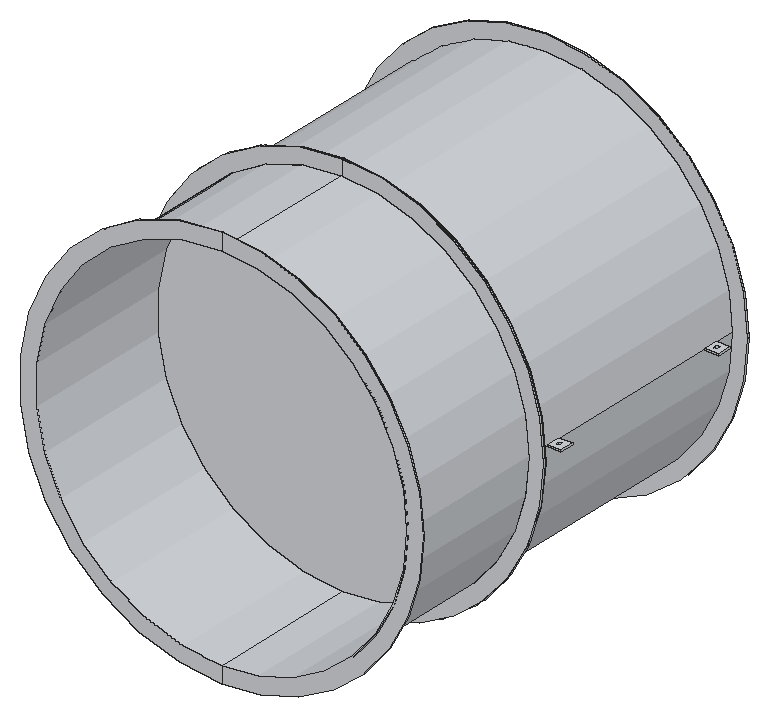
Revit family "AFDV-C_Horizontal_Ceiling_Mount", category Mechanical Equipment, Revit 2019
Family settings
  Round Connector Dimension = Use Radius
  Part Type = Normal
  Work Plane-Based = No
  Always vertical = Yes
  Cut with Voids When Loaded = No
  Shared = No
  Room Calculation Point = No
Parameters (values of type "60_AFDV-C_HOR_CEILING")
  VANE = 2' - 1"
  Unit Weight [instance] = ""
  ModelID [instance] = ""
  M/2 = M / 2  # 0' - 0 11/32"
  M = 0' - 0 11/16"
  L = 0' - 4 3/4"
  K/2 = K / 2  # 1' - 4 1/4"
  K = 2' - 8 1/2"
  J/2 = J / 2  # 2' - 8"
  J = 5' - 4"
  CENTER = 0' - 0"  # constant formula
  H-(A/2) = H - (A / 2)  # 2' - 0 1/16"
  H+J = H + CENTER  # 4' - 6 3/4"
  H = 4' - 6 3/4"
  Sones [instance] = ""
  Motor RPM [instance] = ""
  Motor Enclosure [instance] = ""
  LwA [instance] = ""
  G = 12' - 0"
  Fan RPM [instance] = ""
  F/2 = F / 2  # 0' - 1 1/2"
  F = 0' - 3"
  E/2 = E / 2  # 1' - 9"
  E-2" = E - 0' 2"  # 3' - 4"
  E = 3' - 6"
  C/2+J = C / 2 + CENTER  # 2' - 7 13/16"
  C/2 = C / 2  # 2' - 7 13/16"
  C = 5' - 3 5/8"
  B/2 = B / 2  # 2' - 9 3/8"
  B = 5' - 6 3/4"
  Accessories [instance] = ""
  A/3 = A / 2.5  # 2' - 0.55"
  A/2 = A / 2  # 2' - 6 11/16"
  A = 5' - 1 3/8"
  60 = 60.00°  # constant formula
  30 = 30.00°  # constant formula
  3" = 0' - 3"  # constant formula
  Brake Hp [instance] = ""
  4" = 0' - 4"  # constant formula
  2' = 2' - 0"
  2" = 0' - 2"  # constant formula
  1" = 0' - 1"  # constant formula
  0 = 0' - 0"  # constant formula
  Voltage [instance] = 0 V
  URL = "www.lorencook.com"
  Type Comments = "Tube Axial Fan Horizontal Ceiling Mount Direct Drive Arrangement 4"  # constant formula
  Static Pressure [instance] = 0.00 in-wg
  Power [instance] = Voltage * Motor FLA * sqrt(if(Phase = 3, 3, 1))  # 0 VA
  Phase [instance] = 0
  Number of Poles [instance] = 1
  Motor Hp [instance] = "0"
  Motor FLA [instance] = 0 A
  Model = "AFDV-C"  # constant formula
  Manufacturer = "Loren Cook Company"
  CFM [instance] = 0 CFM
  1.5 = 0' - 1 1/2"  # constant formula
  ONE EIGTH = 0' - 0 1/8"  # constant formula
  -E/2 = -E / 2  # -1' - 9"
  -B/2 = -B / 2  # -2' - 9 3/8"
  -(E-.25")/2 = -(E - 0' 0 1/4") / 2  # -1' - 8 7/8"
  (K/2)-((J-A-.25")/2) = (K / 2) - ((J - A - 0' 0 1/4") / 2)  # 1' - 3 1/16"
  (J-A-.25") = (J - A - 0' 0 1/4")  # 0' - 2 3/8"
  (H-(A/2))/2 = (H - (A / 2)) / 2  # 1' - 0 1/32"
  (E-.25")/2 = (E - 0' 0 1/4") / 2  # 1' - 8 7/8"
  (A+.25")/2 = (A + 0' 0 1/4") / 2  # 2' - 6 13/16"
Types (12): name | VANE | M/2 | M | L | K/2 | K | J/2 | J | H-(A/2) | H+J | H | G | F/2 | F | E/2 | E-2" | E | C/2+J | C/2 | C | B/2 | B | A/3 | A/2 | A | -E/2 | -B/2 | -(E-.25")/2 | (K/2)-((J-A-.25")/2) | (J-A-.25") | (H-(A/2))/2 | (E-.25")/2 | (A+.25")/2
  (no name) | 2' - 1" | 0' - 0 11/32" | 0' - 0 11/16" | 0' - 4 3/4" | 1' - 4 1/4" | 2' - 8 1/2" | 2' - 8" | 5' - 4" | 2' - 0 1/16" | 4' - 6 3/4" | 4' - 6 3/4" | 12' - 0" | 0' - 1 1/2" | 0' - 3" | 1' - 9" | 3' - 4" | 3' - 6" | 2' - 7 13/16" | 2' - 7 13/16" | 5' - 3 5/8" | 2' - 9 3/8" | 5' - 6 3/4" | 2' - 0.55" | 2' - 6 11/16" | 5' - 1 3/8" | -1' - 9" | -2' - 9 3/8" | -1' - 8 7/8" | 1' - 3 1/16" | 0' - 2 3/8" | 1' - 0 1/32" | 1' - 8 7/8" | 2' - 6 13/16"
  12_AFDV-C_HOR_CEILING | 0' - 6" | 0' - 0 7/32" | 0' - 0 7/16" | 0' - 3 1/2" | 0' - 7 1/2" | 1' - 3" | 0' - 7 1/2" | 1' - 3" | 1' - 6 3/16" | 2' - 0 5/8" | 2' - 0 5/8" | 6' - 0" | 0' - 0 5/32" | 0' - 0 5/16" | 0' - 11" | 1' - 8" | 1' - 10" | 0' - 7 5/16" | 0' - 7 5/16" | 1' - 2 5/8" | 0' - 7 13/16" | 1' - 3 5/8" | 0' - 5.15" | 0' - 6 7/16" | 1' - 0 7/8" | -0' - 11" | -0' - 7 13/16" | -0' - 10 7/8" | 0' - 6 9/16" | 0' - 1 7/8" | 0' - 9 3/32" | 0' - 10 7/8" | 0' - 6 9/16"
  16_AFDV-C_HOR_CEILING | 0' - 10" | 0' - 0 7/32" | 0' - 0 7/16" | 0' - 3 1/2" | 0' - 9" | 1' - 6" | 0' - 9 1/2" | 1' - 7" | 1' - 9 11/16" | 2' - 6 1/8" | 2' - 6 1/8" | 6' - 0" | 0' - 0 5/32" | 0' - 0 5/16" | 1' - 0 1/2" | 1' - 11" | 2' - 1" | 0' - 9 5/16" | 0' - 9 5/16" | 1' - 6 5/8" | 0' - 9 13/16" | 1' - 7 5/8" | 0' - 6 3/4" | 0' - 8 7/16" | 1' - 4 7/8" | -1' - 0 1/2" | -0' - 9 13/16" | -1' - 0 3/8" | 0' - 8 1/16" | 0' - 1 7/8" | 0' - 10 27/32" | 1' - 0 3/8" | 0' - 8 9/16"
  18_AFDV-C_HOR_CEILING | 0' - 11" | 0' - 0 7/32" | 0' - 0 7/16" | 0' - 3 1/2" | 0' - 9" | 1' - 6" | 0' - 10 1/2" | 1' - 9" | 1' - 9 11/16" | 2' - 7 1/8" | 2' - 7 1/8" | 6' - 0" | 0' - 0 5/32" | 0' - 0 5/16" | 1' - 0 1/2" | 1' - 11" | 2' - 1" | 0' - 10 5/16" | 0' - 10 5/16" | 1' - 8 5/8" | 0' - 10 13/16" | 1' - 9 5/8" | 0' - 7.55" | 0' - 9 7/16" | 1' - 6 7/8" | -1' - 0 1/2" | -0' - 10 13/16" | -1' - 0 3/8" | 0' - 8 1/16" | 0' - 1 7/8" | 0' - 10 27/32" | 1' - 0 3/8" | 0' - 9 9/16"
  24_AFDV-C_HOR_CEILING | 1' - 1" | 0' - 0 7/32" | 0' - 0 7/16" | 0' - 3 1/2" | 0' - 11 1/2" | 1' - 11" | 1' - 1 1/2" | 2' - 3" | 2' - 3 7/16" | 3' - 3 7/8" | 3' - 3 7/8" | 6' - 0" | 0' - 0 7/32" | 0' - 0 7/16" | 1' - 3 1/2" | 2' - 5" | 2' - 7" | 1' - 1 7/16" | 1' - 1 7/16" | 2' - 2 7/8" | 1' - 2 9/16" | 2' - 5 1/8" | 0' - 9.95" | 1' - 0 7/16" | 2' - 0 7/8" | -1' - 3 1/2" | -1' - 2 9/16" | -1' - 3 3/8" | 0' - 10 9/16" | 0' - 1 7/8" | 1' - 1 23/32" | 1' - 3 3/8" | 1' - 0 9/16"
  28_AFDV-C_HOR_CEILING | 1' - 1" | 0' - 0 7/32" | 0' - 0 7/16" | 0' - 4" | 0' - 11 1/2" | 1' - 11" | 1' - 3 1/2" | 2' - 7" | 2' - 3 7/16" | 3' - 5 7/8" | 3' - 5 7/8" | 6' - 0" | 0' - 0 7/32" | 0' - 0 7/16" | 1' - 3 1/2" | 2' - 5" | 2' - 7" | 1' - 3 7/16" | 1' - 3 7/16" | 2' - 6 7/8" | 1' - 4 9/16" | 2' - 9 1/8" | 0' - 11.55" | 1' - 2 7/16" | 2' - 4 7/8" | -1' - 3 1/2" | -1' - 4 9/16" | -1' - 3 3/8" | 0' - 10 9/16" | 0' - 1 7/8" | 1' - 1 23/32" | 1' - 3 3/8" | 1' - 2 9/16"
  32_AFDV-C_HOR_CEILING | 1' - 3" | 0' - 0 11/32" | 0' - 0 11/16" | 0' - 4 1/4" | 1' - 0 3/4" | 2' - 1 1/2" | 1' - 5 3/4" | 2' - 11 1/2" | 2' - 4 3/4" | 3' - 9 1/4" | 3' - 9 1/4" | 6' - 0" | 0' - 0 7/32" | 0' - 0 7/16" | 1' - 5" | 2' - 8" | 2' - 10" | 1' - 5 1/2" | 1' - 5 1/2" | 2' - 11" | 1' - 6 5/8" | 3' - 1 1/4" | 1' - 1.2" | 1' - 4 1/2" | 2' - 9" | -1' - 5" | -1' - 6 5/8" | -1' - 4 7/8" | 0' - 11 5/8" | 0' - 2 1/4" | 1' - 2 3/8" | 1' - 4 7/8" | 1' - 4 5/8"
  36_AFDV-C_HOR_CEILING | 1' - 4" | 0' - 0 11/32" | 0' - 0 11/16" | 0' - 4 1/4" | 1' - 0 3/4" | 2' - 1 1/2" | 1' - 7 9/16" | 3' - 3 1/8" | 2' - 4 3/4" | 3' - 11 1/4" | 3' - 11 1/4" | 6' - 0" | 0' - 0 7/32" | 0' - 0 7/16" | 1' - 5" | 2' - 8" | 2' - 10" | 1' - 7 1/2" | 1' - 7 1/2" | 3' - 3" | 1' - 8 11/16" | 3' - 5 3/8" | 1' - 2.8" | 1' - 6 1/2" | 3' - 1" | -1' - 5" | -1' - 8 11/16" | -1' - 4 7/8" | 0' - 11 13/16" | 0' - 1 7/8" | 1' - 2 3/8" | 1' - 4 7/8" | 1' - 6 5/8"
  44_AFDV-C_HOR_CEILING | 1' - 7" | 0' - 0 11/32" | 0' - 0 11/16" | 0' - 4 1/4" | 1' - 4 3/4" | 2' - 9 1/2" | 1' - 11 13/16" | 3' - 11 5/8" | 3' - 0 1/4" | 4' - 10 3/4" | 4' - 10 3/4" | 12' - 0" | 0' - 0 7/32" | 0' - 0 7/16" | 1' - 9" | 3' - 4" | 3' - 6" | 1' - 11 3/4" | 1' - 11 3/4" | 3' - 11 1/2" | 2' - 0 11/16" | 4' - 1 3/8" | 1' - 6" | 1' - 10 1/2" | 3' - 9" | -1' - 9" | -2' - 0 11/16" | -1' - 8 7/8" | 1' - 3 9/16" | 0' - 2 3/8" | 1' - 6 1/8" | 1' - 8 7/8" | 1' - 10 5/8"
  48_AFDV-C_HOR_CEILING | 1' - 10" | 0' - 0 11/32" | 0' - 0 11/16" | 0' - 4 3/4" | 1' - 4 1/4" | 2' - 8 1/2" | 2' - 1 7/8" | 4' - 3 3/4" | 3' - 0 3/16" | 5' - 0 3/4" | 5' - 0 3/4" | 12' - 0" | 0' - 0 7/32" | 0' - 0 7/16" | 1' - 9" | 3' - 4" | 3' - 6" | 2' - 1 13/16" | 2' - 1 13/16" | 4' - 3 5/8" | 2' - 2 3/4" | 4' - 5 1/2" | 1' - 7.65" | 2' - 0 9/16" | 4' - 1 1/8" | -1' - 9" | -2' - 2 3/4" | -1' - 8 7/8" | 1' - 3 1/16" | 0' - 2 3/8" | 1' - 6 3/32" | 1' - 8 7/8" | 2' - 0 11/16"
  54_AFDV-C_HOR_CEILING | 1' - 11" | 0' - 0 11/32" | 0' - 0 11/16" | 0' - 4 3/4" | 1' - 4 1/4" | 2' - 8 1/2" | 2' - 5" | 4' - 10" | 2' - 0 1/16" | 4' - 3 3/4" | 4' - 3 3/4" | 12' - 0" | 0' - 0 7/32" | 0' - 0 7/16" | 1' - 9" | 3' - 4" | 3' - 6" | 2' - 4 13/16" | 2' - 4 13/16" | 4' - 9 5/8" | 2' - 6 3/8" | 5' - 0 3/4" | 1' - 10.15" | 2' - 3 11/16" | 4' - 7 3/8" | -1' - 9" | -2' - 6 3/8" | -1' - 8 7/8" | 1' - 3 1/16" | 0' - 2 3/8" | 1' - 0 1/32" | 1' - 8 7/8" | 2' - 3 13/16"
  60_AFDV-C_HOR_CEILING | 2' - 1" | 0' - 0 11/32" | 0' - 0 11/16" | 0' - 4 3/4" | 1' - 4 1/4" | 2' - 8 1/2" | 2' - 8" | 5' - 4" | 2' - 0 1/16" | 4' - 6 3/4" | 4' - 6 3/4" | 12' - 0" | 0' - 1 1/2" | 0' - 3" | 1' - 9" | 3' - 4" | 3' - 6" | 2' - 7 13/16" | 2' - 7 13/16" | 5' - 3 5/8" | 2' - 9 3/8" | 5' - 6 3/4" | 2' - 0.55" | 2' - 6 11/16" | 5' - 1 3/8" | -1' - 9" | -2' - 9 3/8" | -1' - 8 7/8" | 1' - 3 1/16" | 0' - 2 3/8" | 1' - 0 1/32" | 1' - 8 7/8" | 2' - 6 13/16"
Reference planes (in)
  plane 1 "Center (Front/Back)": y = 0
  plane 2: z = 0
  plane 3 "Center (Left/Right)": x = 0.40541
Forms (in)
  Extrusion 1, solid
    sketch origin (0, 0, 0) x (1, 0, 0) y (0, 0, 1)
      loop
        circle (0.40541, 0) r 33.375
    from 21 <- "E/2" to -21 <- "-E/2"
  Extrusion 2, void
    sketch origin (0, 0, 0) x (1, 0, 0) y (0, 0, 1)
      loop
        circle (0.40541, 0) r 33.375
      loop
        circle (0.40541, 0) r 30.8125
    from 20.875 <- "(E-.25")/2" to -20.875 <- "-(E-.25")/2"
  Extrusion 3, solid
    sketch origin (0, 0, 0) x (1, 0, 0) y (0, 1, 0)
      loop
        line (31.21791, 17.4375) -> (31.21791, 15.0625) -> (33.59291, 15.0625) -> (33.59291, 17.4375) -> (31.21791, 17.4375)
      loop
        line (31.21791, -17.4375) -> (33.59291, -17.4375) -> (33.59291, -15.0625) -> (31.21791, -15.0625) -> (31.21791, -17.4375)
      loop
        line (-30.40709, -17.4375) -> (-30.40709, -15.0625) -> (-32.78209, -15.0625) -> (-32.78209, -17.4375) -> (-30.40709, -17.4375)
      loop
        line (-30.40709, 17.4375) -> (-32.78209, 17.4375) -> (-32.78209, 15.0625) -> (-30.40709, 15.0625) -> (-30.40709, 17.4375)
    from 0 to 0.25
  Extrusion 4, void
    sketch origin (0, 0, 0) x (1, 0, 0) y (0, 1, 0)
      loop
        circle (32.40541, 16.25) r 0.34375
      loop
        circle (-31.59459, 16.25) r 0.34375
      loop
        circle (-31.59459, -16.25) r 0.34375
      loop
        circle (32.40541, -16.25) r 0.34375
    from 0 to 0.25
  Extrusion 5, solid
    sketch origin (0.40541, 0, 0) x (0, 1, 0) y (0, 0, 1)
      loop
        circle (0, 0) r 1
    from 0 to -33.375 <- "-B/2"
  Revolve 6, solid
    sketch origin (0.40541, 0, 0) x (0, 1, 0) y (0, 0, 1)
      loop
        line (-21, 33.375) -> (-21.125, 33.375) -> (-21.125, 30.8125) -> (-45.875, 30.8125) -> (-45.875, 33.375) -> (-46, 33.375) -> (-46, 30.6875) -> (-21, 30.6875) -> (-21, 33.375)
      axis (-21, 0) -> (-46, 0)
    angle from 0 to 360
Cuts and joins
  Extrusion 2, Extrusion 4 cuts Extrusion 1
  Extrusion 4 cuts Extrusion 3
Dimensions and locks (in)
  "0": Extrusion 1 sketch curve to plane 3 "Center (Left/Right)"
  "CENTER": Extrusion 1 sketch curve to level
  "0": Extrusion 2 sketch curve to plane 3 "Center (Left/Right)"  (x2)
  "CENTER": Extrusion 2 sketch curve to level  (x2)
  "(J-A-.25")": Extrusion 3 sketch curve to Extrusion 3 sketch curve  (x8)
  "(A+.25")/2": plane 3 "Center (Left/Right)" to Extrusion 3 sketch curve  (x4)
  "(K/2)-((J-A-.25")/2)": plane 1 "Center (Front/Back)" to Extrusion 3 sketch curve  (x4)
  "J/2": plane 3 "Center (Left/Right)" to Extrusion 4 sketch curve  (x4)
  "K/2": plane 1 "Center (Front/Back)" to Extrusion 4 sketch curve  (x4)
  "0": Extrusion 5 sketch curve to plane 1 "Center (Front/Back)"
  "0": Extrusion 5 sketch curve to level
  "0": Revolve 6 sketch curve to level
  "(A+.25")/2": Revolve 6 sketch curve to level
  "B/2": Revolve 6 sketch curve to level  (x2)
  "VANE": Revolve 6 sketch curve to Revolve 6 sketch curve
  "0": cut or joined group of Extrusion 1, Extrusion 2, Extrusion 4 to Revolve 6 sketch curve
  "ONE EIGTH": Revolve 6 sketch curve to Revolve 6 sketch curve  (x3)
  "B/2": radius of Extrusion 1 sketch curve
  "(A+.25")/2": radius of Extrusion 2 sketch curve
  "B/2": radius of Extrusion 2 sketch curve
  "M/2": radius of Extrusion 4 sketch curve  (x4)
  "1"": radius of Extrusion 5 sketch curve
Automatic sketch dimensions
  Revolve 6 sketch curve to Revolve 6 sketch curve = 0' - 0 5/8"
  Revolve 6 sketch curve to Revolve 6 sketch curve = 0' - 4 3/4"
Connectors (in)
  hvac at (0.40541, 21, 0), driven by "A/2"
    settings: on cut or joined group of Extrusion 1, Extrusion 2, Extrusion 4, index 3, duct flow 0 CFM, flow factor 0, pres drop 0.00 in-wg, loss coef 0, conn angle 0.00°, conn width 12", conn height 12", conn diameter 61 3/8", duct sys type 29, conn prof type 0, flow config 0, flow direction 1, loss method 0, conn ref index -1, conn util no, is conn primary yes, conn desc ""
  electrical at (-32.96959, 0, 0)
    settings: on Extrusion 5, index 4, voltage 0 V, apparent load 0 VA, apparent load phase1 0 VA, apparent load phase2 0 VA, apparent load phase3 0 VA, power factor 1, load classification "Other", number of poles 1, system type 30, power factor state 1, is connector primary yes, connector utility no, sub classification motor no, connector description ""
  hvac at (0.40541, -46, 0), driven by "A/2"
    settings: on Revolve 6, index 5, duct flow 0 CFM, flow factor 0, pres drop 0.00 in-wg, loss coef 0, conn angle 0.00°, conn width 12", conn height 12", conn diameter 61 3/8", duct sys type 29, conn prof type 0, flow config 0, flow direction 2, loss method 0, conn ref index -1, conn util no, is conn primary no, conn desc ""
